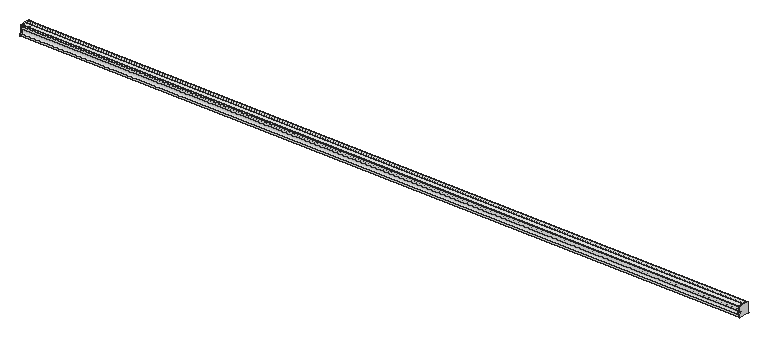
Revit family "S1617 updated", category Lighting Fixtures, host Face, Revit 2020 (continued)
Definition of nested family "DFRWBW 2"
  Definition of nested family "Increment DFRGBW strip"
    Automatic sketch dimensions
      plane 1 "Center (Front/Back)" to Extrusion 2 sketch curve = 0.11457"
      Extrusion 2 sketch curve to plane 1 "Center (Front/Back)" = 0.11457"
      Extrusion 3 sketch curve to plane 5 = 0.04311"
      plane 7 to Extrusion 3 sketch curve = 0.13659"
      Extrusion 3 sketch curve to Extrusion 3 sketch curve = 0.07688"  (x7)
      plane 6 to Extrusion 3 sketch curve = 0.08585"  (x3)
      plane 7 to Extrusion 3 sketch curve = 0.28299"
      Extrusion 3 sketch curve to Extrusion 3 sketch curve = 0.29073"
      plane 6 to Extrusion 3 sketch curve = 0.04322"  (x2)
      Extrusion 3 sketch curve to Extrusion 3 sketch curve = 0.07919"
      Extrusion 3 sketch curve to plane 5 = 0.08575"
      Extrusion 3 sketch curve to plane 8 = 0.25387"
      Extrusion 3 sketch curve to plane 8 = 0.00618"
      plane 8 to Extrusion 3 sketch curve = 0.0707"
      plane 6 to Extrusion 3 sketch curve = 0.06454"
      Extrusion 3 sketch curve to plane 4 = 0.70223"
      Extrusion 3 sketch curve to Extrusion 3 sketch curve = 0.0837"
      Extrusion 3 sketch curve to Extrusion 3 sketch curve = 0.04263"  (x3)
      Extrusion 3 sketch curve to Extrusion 3 sketch curve = 0.02132"  (x5)
Types (4): name | Wattage Comments | Rdwn | Product Name | Number of LED's | No Of Source | Model | Max Input Current | Lumen Output | LED Tape Page URL | LED Tape Documentation link | Initial Color Comments | Increment | DFRGBW 2 Watt | DFRGBW 2 Lumens | DFRGBW 2 | DFD3 Watt | DFD3 Lumens | DFD3 | DFD2 Watt | DFD2 Lumens | DFD2 | DFD1 Watt | DFD1 Lumens | DFD1 | Color Option Available | CCT | Apparent Load | Actual Light Length
  105 lm per FT 1.22W per FT - DFD1 | "1.22W/FT" | 24 | "DFD1" | "146 Diodes/FT" | 24 | "DFD1" | "4A" | "105 lm/FT" | "https://bllighting.com/products/led-tape/dfd1" | "https://bllighting.com/wp-content/uploads/DFD1-Specification.pdf" | "Perfomance based on 2700K Photometric Web File" | 1.9685" | 17.9921 W | 809.644 lm | no | 17.3228 W | 1749.6 lm | no | 9.60628 W | 960.628 lm | no | 4.80314 W | 413.07 lm | yes | "2700K,3000K,4000K,6500K" | "2700K,3000K,4000K,6500K" | 96 VA | 47.2440"
  207 lm per FT 4.57 W per FT - DFRGBW 2 | "4.57W/FT" | 14 | "DFRGBW 2" | "410 Diodes/FT" | 14 | "DFRGBW 2" | "0.625A" | "207 lm/FT" | "https://bllighting.com/products/led-tape/dfrgbw2" | "https://bllighting.com/wp-content/uploads/DFRGBW-2-Specification.pdf" | "Perfomance based on 3000K Photometric Web File" | 3.2795" | 17.4852 W | 786.834 lm | yes | 16.8348 W | 1700.31 lm | no | 9.33564 W | 933.564 lm | no | 4.66782 W | 401.433 lm | no | "3000K" | "3000K" | 15 VA | 45.9130"
  258 lm per FT 2.44 W per FT - DFD2 | "2.44W/FT" | 24 | "DFD2" | "146 Diodes/FT" | 24 | "DFD2" | "4A" | "258 lm/FT" | "https://blhttps://bllighting.com/products/led-tape/dfd2\r\nlighting.com/products/led-tape/dfd1" | "https://bllighting.com/wp-content/uploads/DFD2-Specification.pdf" | "Perfomance based on 3000K Photometric Web File" | 1.9685" | 17.9921 W | 809.644 lm | no | 17.3228 W | 1749.6 lm | no | 9.60628 W | 960.628 lm | yes | 4.80314 W | 413.07 lm | no | "2400K,2700K,3000K,3500K,4000K" | "2400K,2700K,3000K,3500K,4000K" | 96 VA | 47.2440"
  419 lm per FT 4.4 W per FT - DFD3 | "4.4W/FT" | 24 | "DFD3" | "146 Diodes/FT" | 24 | "DFD3" | "4A" | "421 lm/FT" | "https://bllighting.com/products/led-tape/dfd3" | "https://bllighting.com/wp-content/uploads/DFD3-Specification.pdf" | "Perfomance based on 3000K Photometric Web File" | 1.9685" | 17.9921 W | 809.644 lm | no | 17.3228 W | 1749.6 lm | yes | 9.60628 W | 960.628 lm | no | 4.80314 W | 413.07 lm | no | "2400K,2700K,3000K,3500K,4000K" | "2400K,2700K,3000K,3500K,4000K" | 96 VA | 47.2440"
